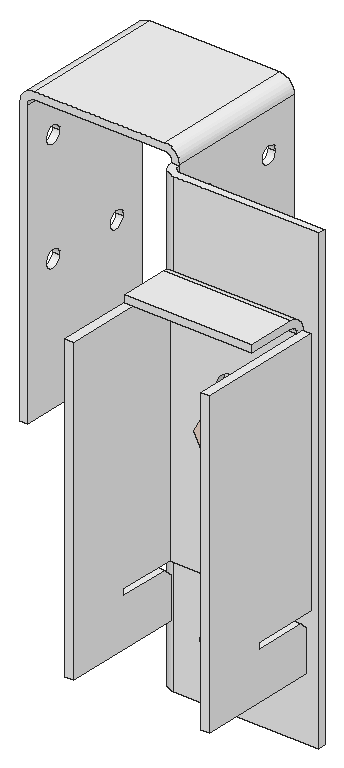
Revit family "KIRIIアングルクランプ(C75用)", category 機械設備, Revit 2020
Family settings
  丸型コネクタ寸法 = 直径を使用
  種別 = なし
  パーツ タイプ = 標準
  作業面ベース = いいえ
  常に垂直 = はい
  ロード時にボイドで切り取り = いいえ
  共有 = いいえ
  部屋計算ポイント = いいえ
Parameters
  製造元 = "株式会社桐井製作所"
  既定の高さ = 0 mm
  URL = "https://www.kirii.co.jp/"
  K_許容荷重(水平)野縁方向(N) = 640
  K_許容荷重(水平)野縁受け方向(N) = 850
  K_許容荷重(引張)(N) = 1670
  K_許容荷重(圧縮)(N) = 1710
  K_板厚(mm) = 2.3 mm
  K_品名 = "KIRIIアングルクランプ(C75用)"
  K_名称 = "支持構造部接合金具"
  K_剛性(野縁方向)(N/mm) = 512
  K_剛性(野縁受け方向)(N/mm) = 311
  K_バージョン情報 = "20250901"
Reference planes
  plane 1 "中心(正面/背面)": y = 0
  plane 2: z = 0
  plane 3 "中心(左/右)": x = 0
  plane 4: x = 10
  plane 5: x = -10
Forms (mm)
  Extrusion 1, solid
    sketch origin (0, 0, 80) x (1, 0, 0) y (0, 0, 1)
      loop
        line (0, -80) -> (2.3, -80) -> (2.3, 65.4)
        arc (2.3, 65.4) -> (0.953, 68.653) -> (-2.3, 70) r 4.6
        line (-2.3, 70) -> (-43.2, 70)
        arc (-43.2, 70) -> (-46.453, 68.653) -> (-47.8, 65.4) r 4.6
        line (-47.8, 65.4) -> (-47.8, -24.3) -> (-45.5, -24.3) -> (-45.5, 65.4)
        arc (-45.5, 65.4) -> (-44.826, 67.026) -> (-43.2, 67.7) r 2.3
        line (-43.2, 67.7) -> (-2.3, 67.7)
        arc (-2.3, 67.7) -> (-0.674, 67.026) -> (0, 65.4) r 2.3
        line (0, 65.4) -> (0, -80)
    from 0 to -45
  Extrusion 2, solid
    sketch origin (2.3, 0, 80) x (1, 0, 0) y (0, 1, 0)
      loop
        line (2.3, -5) -> (47.7, -5) -> (47.7, -2.7) -> (2.3, -2.7)
        arc (2.3, -2.7) -> (0.674, -2.026) -> (0, -0.4) r 2.3
        line (0, -0.4) -> (0, 45) -> (-2.3, 45) -> (-2.3, -0.4)
        arc (-2.3, -0.4) -> (-0.953, -3.653) -> (2.3, -5) r 4.6
    from 65 to -80
  Extrusion 3, solid
    sketch origin (0, 0, 80) x (1, 0, 0) y (0, 0, 1)
      loop
        circle (25, 0) r 5
      loop
        circle (25, 0) r 4.5
    from 2.7 to 0
  Extrusion 4, solid
    sketch origin (0, 0, 80) x (0, 1, 0) y (0, 0, 1)
      loop
        arc (-5, 36) -> (-6.347, 39.253) -> (-9.6, 40.6) r 4.6
        line (-9.6, 40.6) -> (-25, 40.6) -> (-25, 38.3) -> (-9.6, 38.3)
        arc (-9.6, 38.3) -> (-7.974, 37.626) -> (-7.3, 36) r 2.3
        line (-7.3, 36) -> (-7.3, -42) -> (-5, -42) -> (-5, 36)
    from 5 to 45
  Extrusion 5, solid
    sketch origin (0, 0, 80) x (1, 0, 0) y (0, 0, 1)
      loop
        line (2.3, 36) -> (2.3, -59) -> (5, -59) -> (5, 36) -> (2.3, 36)
      loop
        line (45, 36) -> (45, -59) -> (47.7, -59) -> (47.7, 36) -> (45, 36)
    from 5 to 45
  Extrusion 6, void
    sketch origin (0, 0, 80) x (0, 1, 0) y (0, 0, 1)
      loop
        line (-25.5, -42) -> (-25.5, -44) -> (-9, -44) -> (-7, -46) -> (-7, -59) -> (-5, -59) -> (-5, -42) -> (-25.5, -42)
    from 50 to 0
  Extrusion 7, void
    sketch origin (0, 0, 80) x (1, 0, 0) y (0, 0, 1)
      loop
        circle (25, 0) r 4.5
    from 5 to 2.7
  Extrusion 8, void
    sketch origin (0, 0, 80) x (1, 0, 0) y (0, 0, 1)
      loop
        arc (30.25, 12.25) -> (28.712, 15.962) -> (25, 17.5) r 5.25
        arc (25, 17.5) -> (21.288, 15.962) -> (19.75, 12.25) r 5.25
        line (19.75, 12.25) -> (19.75, -12.25)
        arc (19.75, -12.25) -> (21.288, -15.962) -> (25, -17.5) r 5.25
        arc (25, -17.5) -> (28.712, -15.962) -> (30.25, -12.25) r 5.25
        line (30.25, -12.25) -> (30.25, 12.25)
    from 7.3 to 5
  Extrusion 9, void
    sketch origin (0, 0, 80) x (0, 1, 0) y (0, 0, 1)
      loop
        circle (10, 52.7) r 2.75
      loop
        circle (35, 52.7) r 2.75
      loop
        circle (10, 17.7) r 2.75
      loop
        circle (35, 17.7) r 2.75
      loop
        circle (22.5, -14.3) r 5.25
    from -45.5 to -47.8
  Extrusion 10, void
    sketch origin (0, 0, 80) x (0, 1, 0) y (0, 0, 1)
      loop
        circle (35, 52.7) r 2.75
      loop
        circle (10, 52.7) r 2.75
      loop
        circle (10, 17.7) r 2.75
      loop
        circle (35, 17.7) r 2.75
      loop
        circle (22.5, -14.3) r 5.25
    from 2.3 to 0
  Extrusion 11, void
    sketch origin (0, 0, 80) x (1, 0, 0) y (0, 0, 1)
      loop
        circle (25, -32) r 2.25
    from 7.3 to 5
  Extrusion 12, solid
    sketch origin (0, 0, 80) x (0, 1, 0) y (0, 0, 1)
      loop
        circle (22.5, -14.3) r 5.548
      loop
        circle (22.5, -14.3) r 4.5
    from 2.3 to 5
  Extrusion 13, void
    sketch origin (0, 0, 0) x (1, 0, 0) y (0, 0, 1)
      loop
        circle (15, 17.6) r 2.25
      loop
        circle (40, 17.6) r 2.25
    from 5 to 2.7
Cuts and joins
  Extrusion 8, Extrusion 9, Extrusion 10 cuts Extrusion 1
  Extrusion 7, Extrusion 8, Extrusion 9, Extrusion 10, Extrusion 13 cuts Extrusion 2
  Extrusion 8, Extrusion 9, Extrusion 10 cuts Extrusion 3
  joined: Extrusion 1, Extrusion 2, Extrusion 3, Extrusion 12
  Extrusion 8, Extrusion 11 cuts Extrusion 4
  Extrusion 6 cuts Extrusion 5
  joined: Extrusion 4, Extrusion 5
Dimensions and locks
  aligned and locked: level to plane 2
Nested families
  nested 1: "M10×60ボルト" at (-51.797, 22.525, 65.631) x (0, 1, 0) z (0, 0, 1), type "M10×60ボルト"
  nested 2: "M10×25ボルト" at (24.917, -11.3, 80) x (-1, 0, 0) z (0, 0, 1), type "M10×25ボルト"
Definition of nested family "M10×60ボルト"
  Parameters (values of type "M10×60ボルト")
    Manufacturer = "株式会社桐井製作所"
    Default Elevation = 0 mm
    URL = "https://www.kirii.co.jp/"
    K_材料規格 = "M10×L60"
    K_品名 = "M10×60ボルト"
    K_名称 = "M10×60ボルト"
    K_備考 = "KIRIIアングルクランプ付属品"
  Reference planes
    plane 1 "中心(正面/背面)": y = 0
    plane 2: z = 0
    plane 3 "中心(左/右)": x = 0
    plane 4: x = 8
    plane 5: x = -8
    plane 6 "正面": y = -4
    plane 7: z = 8
    plane 8: z = -8
  Forms (mm)
    Extrusion 1, solid
      sketch origin (0, 0, 0) x (1, 0, 0) y (0, 0, 1)
        loop
          line (-4.619, 8) -> (-9.238, 0) -> (-4.619, -8) -> (4.619, -8) -> (9.238, 0) -> (4.619, 8) -> (-4.619, 8)
      from 0 to 4
    Extrusion 2, solid
      sketch origin (0, 0, 25.676) x (1, 0, 0) y (0, 0, 1)
        loop
          circle (0, -25.676) r 4.1
      from 4 to 64
  Cuts and joins
    joined: Extrusion 1, Extrusion 2
  Lines and regions (mm)
    model lines
      curve 1: circle (0, 0, 0) r 8 normal (0, -1, 0)
  Dimensions and locks
    aligned and locked: level to plane 2
Definition of nested family "M10×25ボルト"
  Parameters (values of type "M10×25ボルト")
    Manufacturer = "株式会社桐井製作所"
    Default Elevation = 0 mm
    URL = "https://www.kirii.co.jp/"
    K_材料規格 = "M10×L25"
    K_品名 = "M10×25ボルト"
    K_名称 = "M10×25ボルト"
    K_備考 = "KIRIIアングルクランプ付属品"
  Reference planes
    plane 1 "中心(正面/背面)": y = 0
    plane 2: z = 0
    plane 3 "中心(左/右)": x = 0
    plane 4: x = 8
    plane 5: x = -8
    plane 6 "正面": y = -4
    plane 7: z = 8
    plane 8: z = -8
  Forms (mm)
    Extrusion 1, solid
      sketch origin (0, 0, 0) x (1, 0, 0) y (0, 0, 1)
        loop
          line (-4.619, 8) -> (-9.238, 0) -> (-4.619, -8) -> (4.619, -8) -> (9.238, 0) -> (4.619, 8) -> (-4.619, 8)
      from 0 to 4
    Extrusion 2, solid
      sketch origin (0, 0, 25.676) x (1, 0, 0) y (0, 0, 1)
        loop
          circle (0, -25.676) r 4.1
      from 4 to 29
  Cuts and joins
    joined: Extrusion 1, Extrusion 2
  Lines and regions (mm)
    model lines
      curve 1: circle (0, 0, 0) r 8 normal (0, -1, 0)
  Dimensions and locks
    aligned and locked: level to plane 2
